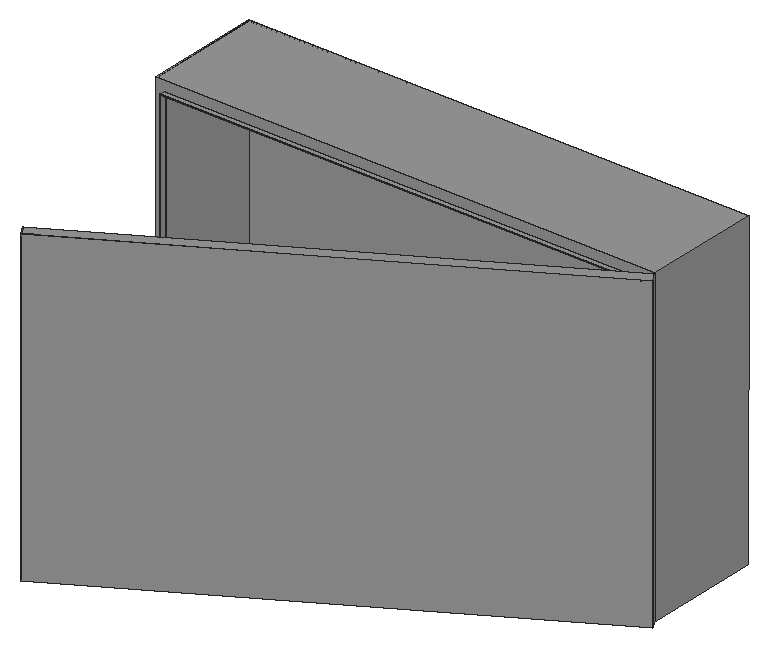
Revit family "Hager-Univers-IP44-D205-H500-Cl.II-Encl-NoHosted-BE-en", category Equipement électrique, Revit 2020
Family settings
  Configuration du panneau = Deux colonnes, circuits au sein
  Cote de connecteur circulaire = Utiliser le diamètre
  Type d'élément = Tableau de raccordement
  Basée sur le plan de construction = Oui
  Toujours verticalement = Oui
  Couper avec des vides une fois chargée = Non
  Partagée = Non
  Point de calcul de pièce = Non
Parameters (values of type "Surface mounted (plaster) IP44 W800 H500 D205  - FP33QS")
  Width Control [instance] = if([EF000008 - Width] > Min Width, [EF000008 - Width], Min Width)  # 800 mm
  Commentaires du type = [HG000003 - Range]  # "Univers"
  Thickness Door [instance] = if([EF009171 - Material plate thickness door/cover] > 3 mm, 3 mm, [EF009171 - Material plate thickness door/cover])  # 1 mm
  Seal Frame Offset [instance] = 17 mm  # constant formula
  Plinth Visibility [instance] = [HG000027 - Plinth height] > 0 mm  # no
  Min Width [instance] = 100 mm  # constant formula
  Min Depth [instance] = (2 * [EF009170 - Material plate thickness cabinet]) + 1 mm  # 3 mm
  Min Height [instance] = 100 mm  # constant formula
  Internal Frame Depth [instance] = (Door System Depth * 0.5)  # 9 mm
  Panel Name [instance] = ""  # (empty or 0)
  Model = ""
  HG000027 - Plinth height = 0 mm
  HG000026 - Floor standing = no
  HG000024 - Bottom section height = 600 mm
  HG000023 - Double section enclosure = no
  HG000016 - Door 3d visibility [instance] = yes
  HG000015 - Clearance visibility [instance] = no
  HG000014 - Door on the right [instance] = yes
  HG000013 - Door on the left [instance] = not([HG000014 - Door on the right])  # no
  HG000012 - Door swing angle [instance] = 30.00°
  HG000010 - Asymmetric doors = no
  HG000009 - Double swing door = no
  HG000006 - Flush mounted = no
  HG000004 - Manufacturer reference = "FP33QS"
  HG000003 - Range = "Univers"
  HG000002 - With door or cover = yes
  Frame Offset Bottom [instance] = 10 mm  # constant formula
  Frame Offset [instance] = 15 mm  # constant formula
  EF015940 - Cover with overpressure release = no
  EF011959 - Degree of protection (NEMA) = ""
  EF009554 - Number of openings for flange plates = 6
  EF009212 - Cover model = "EV000116 - Closed"
  EF009171 - Material plate thickness door/cover = 1 mm
  EF009170 - Material plate thickness cabinet = 1 mm
  EF008873 - Nominal current (In) = 250 A
  EF007800 - Suitable for lightning protection = no
  EF006306 - With lock = no
  EF006244 - Transparent cover/door = no
  EF005474 - Degree of protection (IP) = "EV006418 - IP44"
  EF004464 - Type of door = "EV002646 - Single"
  EF004427 - Number of modules = 108
  EF004293 - Impact strength = "EV006815 - IK09"
  EF003532 - Suitable for outdoor use = no
  EF002950 - Width in number of modular spacings = 36
  EF001613 - Circuit integrity = "EV000494 - None"
  EF001596 - Material housing = "EV000179 - Steel"
  EF001131 - Internal depth = 143 mm
  EF001088 - Extension possible = yes
  EF000437 - Number of conduit inlets = 6
  EF000339 - Type of cover = "EV001012 - Cover"
  EF000266 - Number of rows = 3
  EF000218 - Built-in depth = 0 mm
  EF000118 - With mounting plate = no
  EF000116 - RAL-number = "9010"
  EF000049 - Depth = 205 mm
  EF000040 - Height = 500 mm
  EF000008 - Width = 800 mm
  EF000007 - Colour = "EV000202 - White"
  EF000003 - Mounting method = "EV000384 - Surface mounted (plaster)"
  Door System Leaf Tolerance [instance] = 1.5 mm  # constant formula
  Door System Depth [instance] = 18 mm  # constant formula
  Door Height [instance] = Height Control - [HG000027 - Plinth height]  # 500 mm
  Description = ""
  Default Elevation = 1219.2 mm
  Connector Offset [instance] = Height Control / 2  # 250 mm
  Fabricant = "Hager"  # constant formula
  Height Control [instance] = if([EF000040 - Height] > Min Height, [EF000040 - Height], Min Height)  # 500 mm
  Depth Control [instance] = if([EF000049 - Depth] > Min Depth, [EF000049 - Depth], Min Depth)  # 205 mm
  Bottom Top Plate Trim [instance] = 1.5 mm  # constant formula
  Plinth height Ctrl [instance] = if([HG000027 - Plinth height] > 0 mm, [HG000027 - Plinth height], 12 mm)  # 12 mm
Types (5, lengths in mm): name | Width Control | HG000009 - Double swing door | HG000004 - Manufacturer reference | EF009554 - Number of openings for flange plates | EF004464 - Type of door | EF004427 - Number of modules | EF002950 - Width in number of modular spacings | EF000437 - Number of conduit inlets | EF000008 - Width
  Surface mounted (plaster) IP44 W1050 H500 D205  - FP34QS | 1050 | yes | "FP34QS" | 8 | "EV003602 - Double" | 144 | 48 | 8 | 1050
  Surface mounted (plaster) IP44 W1300 H500 D205  - FP35QS | 1300 | yes | "FP35QS" | 10 | "EV003602 - Double" | 180 | 60 | 10 | 1300
  Surface mounted (plaster) IP44 W300 H500 D205  - FP31QS | 300 | no | "FP31QS" | 2 | "EV002646 - Single" | 36 | 12 | 2 | 300
  Surface mounted (plaster) IP44 W550 H500 D205  - FP32QS | 550 | no | "FP32QS" | 4 | "EV002646 - Single" | 72 | 24 | 4 | 550
  Surface mounted (plaster) IP44 W800 H500 D205  - FP33QS | 800 | no | "FP33QS" | 6 | "EV002646 - Single" | 108 | 36 | 6 | 800
Reference planes
  plane 1 "Center (Front/Back)": y = 0
  plane 2: z = 0
  plane 3 "Center (Left/Right)": x = 0
  plane 4: y = 0
  plane 5: y = 0
  plane 6: z = 0
  plane 7: x = -400
  plane 8: x = 400
  plane 9: x = 399
  plane 10: x = -399
  plane 11: z = 0
  plane 12: z = 1
  plane 13: y = -205
  plane 14: y = -1
  plane 15: x = 0
  plane 16: y = -187
  plane 17: y = -204
  plane 18: y = -186
  plane 19: x = -384
  plane 20: x = 384
  plane 21: z = 11
  plane 22: x = -383
  plane 23: x = 383
  plane 24: z = 0
  plane 25: z = 500
  plane 26: z = 500
  plane 27: z = 484
  plane 28: z = 499
Forms (mm)
  Extrusion 1, solid, material "Hager_Steel_RAL7035_Light_Grey", detail levels medium+fine
    sketch origin (-208.679, -4572, 0) x (-1, 0, 0) y (0, -1, 0)
      loop
        line (191.321, -4385) -> (-608.679, -4385) -> (-608.679, -4572) -> (191.321, -4572) -> (191.321, -4385)
    from 0 to 500
  Extrusion 2, void
    sketch origin (-350.771, -205, 1219.2) x (1, 0, 0) y (0, 0, 1)
      loop
        line (-48.229, -720.2) -> (-48.229, -1218.2) -> (749.771, -1218.2) -> (749.771, -720.2) -> (-48.229, -720.2)
    from -19 to -204
  Extrusion 3, void
    sketch origin (-290.084, -187, 1219.2) x (1, 0, 0) y (0, 0, 1)
      loop
        line (-93.916, -1208.2) -> (674.084, -1208.2) -> (674.084, -735.2) -> (-93.916, -735.2) -> (-93.916, -1208.2)
    from 0 to -1
  Extrusion 4, solid, material "Hager_Steel_RAL7035_Light_Grey", visible <- "Plinth Visibility", detail levels medium+fine
    sketch origin (0, 0, 0) x (1, 0, 0) y (0, 1, 0)
      loop
        line (-400, 0) -> (-400, -187) -> (400, -187) -> (400, 0) -> (-400, 0)
    from 0 to 12 <- "Plinth height Ctrl"
  Extrusion 5, solid, material "Hager_Steel_RAL7035_Light_Grey", detail levels coarse
    sketch origin (0, 0, 0) x (1, 0, 0) y (0, 1, 0)
      loop
        line (-400, 0) -> (-400, -205) -> (400, -205) -> (400, 0) -> (-400, 0)
    from 0 to 500 <- "Height Control"
  Sweep 6, void
    path in 3D
      loop
        line (-400, -187, 12) -> (400, -187, 12) -> (400, 0, 12) -> (-400, 0, 12) -> (-400, -187, 12)
    profile origin (-400, -93.5, 12) x (1, 0, 0) y (0, 0, 1)
      loop
        line (0, 0) -> (0, -1.5) -> (1.5, -1.5)
        arc (1.5, -1.5) -> (1.061, -0.439) -> (0, 0) r 1.5
  Extrusion 7, solid, material "Hager_Steel_RAL7035_Light_Grey", detail levels fine
    sketch origin (-400, -187, 0) x (1, 0, 0) y (0, 0, 1)
      loop
        line (16, 11) -> (784, 11) -> (784, 484) -> (16, 484) -> (16, 11)
      loop
        line (15, 10) -> (785, 10) -> (785, 485) -> (15, 485) -> (15, 10)
    from 0 to 9 <- "Internal Frame Depth"
Cuts and joins
  Extrusion 2, Extrusion 3 cuts Extrusion 1
  Sweep 6 cuts Extrusion 4
Lines and regions (mm)
  Masking region 1
    outline origin (0, 0, 0) x (1, 0, 0) y (0, 1, 0)
      loop
        line (-400, 0) -> (-400, -205) -> (400, -205) -> (400, 0) -> (-400, 0)
  Masking region 2, detail levels coarse
    outline origin (-290.084, -187, 1219.2) x (-1, 0, 0) y (0, 0, 1)
      loop
        line (-690.084, -1219.2) -> (109.916, -1219.2) -> (109.916, -719.2) -> (-690.084, -719.2) -> (-690.084, -1219.2)
  Masking region 3, detail levels coarse
    outline origin (0, 0, 0) x (0, 1, 0) y (0, 0, 1)
      loop
        line (0, 0) -> (0, 500) -> (-205, 500) -> (-205, 0) -> (0, 0)
  Masking region 4, visible <- "Plinth Visibility", detail levels medium+fine
    outline origin (0, 0, 0) x (0, 1, 0) y (0, 0, 1)
      loop
        line (-1.5, 12) -> (-185.5, 12)
        arc (-185.5, 12) -> (-185.939, 10.939) -> (-187, 10.5) r 1.5
        line (-187, 10.5) -> (-187, 0) -> (0, 0) -> (0, 10.5)
        arc (0, 10.5) -> (-1.061, 10.939) -> (-1.5, 12) r 1.5
  Masking region 5, detail levels medium+fine
    outline origin (0, 0, 594.038) x (0, 1, 0) y (0, 0, 1)
      loop
        line (0, -594.038) -> (0, -94.038) -> (-187, -94.038) -> (-187, -594.038) -> (0, -594.038)
  Masking region 6, detail levels medium+fine
    outline origin (-359.7, -187, 1211.883) x (-1, 0, 0) y (0, 0, 1)
      loop
        line (-759.7, -1211.883) -> (40.3, -1211.883) -> (40.3, -711.883) -> (-759.7, -711.883) -> (-759.7, -1211.883)
  Masking region 7, visible <- "Plinth Visibility", detail levels medium+fine
    outline origin (-320.334, -187, 1041.368) x (-1, 0, 0) y (0, 0, 1)
      loop
        line (-720.334, -1041.368) -> (79.666, -1041.368) -> (79.666, -1030.868)
        arc (79.666, -1030.868) -> (78.606, -1030.429) -> (78.166, -1029.368) r 1.5
        line (78.166, -1029.368) -> (-718.834, -1029.368)
        arc (-718.834, -1029.368) -> (-719.273, -1030.429) -> (-720.334, -1030.868) r 1.5
        line (-720.334, -1030.868) -> (-720.334, -1041.368)
  sketch lines
    curve 1: line (-400, 0, 12) -> (-400, -187, 12)
    curve 2: line (-400, -187, 12) -> (400, -187, 12)
    curve 3: line (400, 0, 12) -> (-400, 0, 12)
    curve 4: line (400, -187, 12) -> (400, 0, 12)
Dimensions and locks
  locked: plane 1 "Center (Front/Back)" to plane 5
  "EF009170 - Material plate thickness cabinet": plane 7 to plane 10
  "EF009170 - Material plate thickness cabinet": plane 8 to plane 9
  equal spacing: plane 7, plane 3 "Center (Left/Right)", plane 8
  "Width Control": plane 7 to plane 8
  "Depth Control": plane 4 to plane 13
  "EF009170 - Material plate thickness cabinet": plane 4 to plane 14
  "Height Control": plane 25 to level
  "HG000027 - Plinth height": plane 11 to level
  "EF009170 - Material plate thickness cabinet": plane 12 to plane 11
  "EF009170 - Material plate thickness cabinet": plane 17 to plane 13
  "EF009170 - Material plate thickness cabinet": plane 18 to plane 16
  "Frame Offset Bottom": plane 21 to plane 12
  "Frame Offset": plane 10 to plane 19
  "Frame Offset": plane 9 to plane 20
  "Door System Depth": plane 16 to plane 13
  "Seal Frame Offset": plane 7 to plane 22
  "Seal Frame Offset": plane 8 to plane 23
  "EF009170 - Material plate thickness cabinet": plane 26 to plane 28
  "Frame Offset": plane 28 to plane 27
  "Connector Offset": plane 2 to connector elem
  "Bottom Top Plate Trim": profile plane to Sweep 6 sketch curve
  "Bottom Top Plate Trim": Sweep 6 sketch curve to Sweep 6 sketch curve
  "Plinth height Ctrl": Masking region 4 sketch curve to level
  "Plinth height Ctrl": Masking region 7 sketch curve to level
  "Thickness Door": Extrusion 7 sketch curve to Extrusion 7 sketch curve  (x4)
  "Bottom Top Plate Trim": radius of Sweep 6 sketch curve
  "Bottom Top Plate Trim": radius of Masking region 4 sketch curve  (x2)
  "Bottom Top Plate Trim": radius of Masking region 7 sketch curve  (x2)
  aligned and locked: Extrusion 2 sketch curve to plane 12
  aligned and locked: Extrusion 2 sketch curve to plane 9
  aligned and locked: Extrusion 2 sketch curve to plane 10
  aligned and locked: Extrusion 2 to plane 14
  aligned and locked: Extrusion 1 sketch curve to plane 4
  aligned and locked: plane 8 to Extrusion 1 sketch curve
  aligned and locked: plane 7 to Extrusion 1 sketch curve
  aligned and locked: Extrusion 2 to plane 18
  aligned and locked: plane 19 to Extrusion 3 sketch curve
  aligned and locked: plane 20 to Extrusion 3 sketch curve
  aligned and locked: Extrusion 3 to Extrusion 2
  aligned and locked: Extrusion 3 sketch curve to plane 21
  aligned and locked: plane 3 "Center (Left/Right)" to nested 1
  aligned and locked: Extrusion 1 sketch curve to plane 16
  aligned and locked: Extrusion 4 sketch curve to cut or joined group of Extrusion 1, Extrusion 2, Extrusion 3
  aligned and locked: Masking region 1 sketch curve to plane 7
  aligned and locked: Masking region 1 sketch curve to plane 5
  aligned and locked: Masking region 1 sketch curve to plane 8
  aligned and locked: Masking region 2 sketch curve to level
  aligned and locked: level to Masking region 3 sketch curve
  aligned and locked: plane 1 "Center (Front/Back)" to Masking region 3 sketch curve
  aligned and locked: plane 13 to Masking region 3 sketch curve
  aligned and locked: plane 5 to Masking region 4 sketch curve
  aligned and locked: Masking region 2 sketch curve to plane 8
  aligned and locked: Masking region 2 sketch curve to plane 7
  aligned and locked: plane 7 to nested 2
  aligned and locked: nested 2 to plane 5
  aligned and locked: plane 5 to Masking region 5 sketch curve
  aligned and locked: plane 26 to Masking region 5 sketch curve
  aligned and locked: Extrusion 5 sketch curve to plane 8
  aligned and locked: Extrusion 5 sketch curve to plane 7
  aligned and locked: Extrusion 5 sketch curve to plane 5
  aligned and locked: Extrusion 3 sketch curve to plane 27
  aligned and locked: Extrusion 2 sketch curve to plane 28
  aligned and locked: Masking region 2 to plane 25
  aligned and locked: Extrusion 4 to plane 16
  aligned and locked: profile plane to Sweep 6 sketch curve
  aligned and locked: Masking region 5 sketch curve to plane 24
  aligned and locked: level to Masking region 4 sketch curve
  aligned and locked: Masking region 1 to plane 13
  aligned and locked: nested 1 to plane 16
  aligned and locked: Masking region 3 to plane 25
  aligned and locked: plane 16 to Masking region 4 sketch curve
  aligned and locked: Masking region 5 sketch curve to plane 16
  aligned and locked: plane 24 to plane 11
  aligned and locked: plane 26 to plane 25
  aligned and locked: plane 26 to cut or joined group of Extrusion 1, Extrusion 2, Extrusion 3
  aligned and locked: nested 1 to plane 24
  aligned and locked: Extrusion 1 to Extrusion 3
  aligned and locked: Masking region 6 sketch curve to plane 8
  aligned and locked: Masking region 6 sketch curve to plane 24
  aligned and locked: Masking region 6 sketch curve to plane 7
  aligned and locked: Masking region 6 sketch curve to plane 26
  aligned and locked: Masking region 7 sketch curve to plane 7
  aligned and locked: level to Masking region 7 sketch curve
  aligned and locked: Masking region 7 sketch curve to plane 8
  aligned and locked: Extrusion 7 sketch curve to cut or joined group of Extrusion 1, Extrusion 2, Extrusion 3  (x4)
Automatic sketch dimensions
  plane 19 to Extrusion 3 sketch curve = 0 mm
  Extrusion 3 sketch curve to plane 20 = 0 mm
  Extrusion 3 sketch curve to plane 21 = 0 mm
  Extrusion 4 sketch curve to plane 7 = 0 mm
  Extrusion 4 sketch curve to plane 8 = 0 mm
  Extrusion 4 sketch curve to plane 16 = 0 mm
  Masking region 1 sketch curve to plane 13 = 0 mm
  Masking region 2 sketch curve to plane 25 = 0 mm
  Masking region 3 sketch curve to plane 25 = 0 mm
  Extrusion 5 sketch curve to plane 13 = 0 mm
  profile plane to Sweep 6 sketch curve = 0 mm
Nested families
  nested 1: "EC000058_Univers_Door" at (0, -187, 0), Double <- "HG000009 - Double swing door", Transparent <- "EF006244 - Transparent cover/door", Angle <- "HG000012 - Door swing angle", Door_Right <- "HG000014 - Door on the right", Assymetrical <- "HG000010 - Asymmetric doors", Door <- "HG000002 - With door or cover", Width_Ctrl <- "Width Control", 3d_Door <- "HG000016 - Door 3d visibility", Clearance <- "HG000015 - Clearance visibility", Door_Left <- "HG000013 - Door on the left", Width <- "Width Control", Door_Depth <- "Door System Depth", Leaf_Tolerance <- "Door System Leaf Tolerance", Height <- "Door Height", Lock_Visibility <- "EF006306 - With lock", Thickness <- "Thickness Door", type "EC000058_Univers_Door", detail levels medium+fine
    with min_wh 3 mm, Width_Ctrl 800 mm, Width 800 mm, Transparent no, Thickness 1 mm, Seal_Material Hager_Rubber, Lock_Visibility no, Lock_Material Hager_Plastic_RAL9005_Jet_Black, Leaf_Width 800 mm, Leaf_Tolerance_External_Sides 0 mm, Leaf_Tolerance 1.5 mm, Leaf_Offset 0 mm, Leaf_Height 497 mm, Leaf_2_Width 800 mm, Leaf_2_Offset 400 mm, Leaf_1_Width 800 mm, Leaf_1_Offset 400 mm, Height_Ctrl 500 mm, Height 500 mm, Glass_Material Hager_Glass, Double_Clearance_Ctrl no, Double no, Door_Right_Ctrl yes, Door_Right yes, Door_Material Hager_Steel_RAL7035_Light_Grey, Door_Left_Ctrl no, Door_Left no, Door_Depth 18 mm, Door yes, Clearance_Material Hager_Clearance, Clearance_Depth 800 mm, Clearance_Ctrl no, Clearance no, Assymetrical no, Angle 30.00°, 3d_Door yes
  nested 2: "Hager_Enclosure_Symbol" at (-400, 0, 0), Height <- "Depth Control", Width <- "Width Control", type "Hager_Enclosure_Symbol"
    with Width_Ctrl 800 mm, Width 800 mm, Height_Ctrl 205 mm, Height 205 mm, A_Width_Int 13.453 mm, A_Width 161.438 mm, A_Height_Ctrl 179.375 mm, A_Height 179.375 mm
Connectors
  electrical at (0, 0, 250)
    settings: on plane 1 "Center (Front/Back)", index 1, voltage 0 V, apparent load 0 VA, apparent load phase1 0 VA, apparent load phase2 0 VA, apparent load phase3 0 VA, power factor 1, load classification "Other", number of poles 1, system type 30, power factor state 1, is connector primary yes, connector utility no, sub classification motor no, connector description ""
Definition of nested family "EC000058_Univers_Door"
  Parameters (values of type "EC000058_Univers_Door")
    min_wh [instance] = (2 * Thickness) + 1 mm  # 11 mm
    Width_Ctrl [instance] = 400 mm
    Width [instance] = 500 mm
    Transparent [instance] = yes
    Thickness [instance] = 5 mm
    Seal_Material [instance] = none
    Lock_Visibility [instance] = yes
    Lock_Material [instance] = none
    Leaf_Width [instance] = if((Width_Ctrl - 2 * Leaf_Tolerance_External_Sides) > 0 mm, (Width_Ctrl - 2 * Leaf_Tolerance_External_Sides), min_wh)  # 400 mm
    Leaf_Tolerance_External_Sides [instance] = 0 mm  # constant formula
    Leaf_Tolerance [instance] = 1.5 mm
    Leaf_Offset [instance] = 0 mm  # constant formula
    Leaf_Height [instance] = if((Height_Ctrl - 2 * Leaf_Tolerance) > 0 mm, (Height_Ctrl - 2 * Leaf_Tolerance), min_wh)  # 497 mm
    Leaf_2_Width [instance] = if(and(and(Double, Assymetrical), Door_Left), (Leaf_Width / 3) - (Leaf_Tolerance / 2), if(and(and(Double, Assymetrical), Door_Right), (Leaf_Width / 3) * 2 - (Leaf_Tolerance / 2), if(and(Double, not(Assymetrical)), (Leaf_Width / 2) - Leaf_Tolerance, Leaf_Width)))  # 400 mm
    Leaf_2_Offset [instance] = if(and(Double, Assymetrical), Leaf_2_Width / 2, if(and(Double, not(Assymetrical)), Leaf_Width / 4, Leaf_Width / 2))  # 200 mm
    Leaf_1_Width [instance] = if(and(and(Double, Assymetrical), Door_Right), (Leaf_Width / 3) - (Leaf_Tolerance / 2), if(and(and(Double, Assymetrical), Door_Left), (Width / 3) * 2 - (Leaf_Tolerance / 2), if(and(Double, not(Assymetrical)), (Leaf_Width / 2) - Leaf_Tolerance, Leaf_Width)))  # 400 mm
    Leaf_1_Offset [instance] = if(and(Double, Assymetrical), Leaf_1_Width / 2, if(and(Double, not(Assymetrical)), Leaf_Width / 4, Leaf_Width / 2))  # 200 mm
    Height_Ctrl [instance] = if(Height > min_wh, Height, min_wh)  # 500 mm
    Height [instance] = 500 mm
    Glass_Material [instance] = none
    Double_Clearance_Ctrl [instance] = and(Double, Clearance)  # no
    Double [instance] = no
    Door_Right_Ctrl [instance] = and(or(Door_Right, Double), Door)  # yes
    Door_Right [instance] = yes
    Door_Material [instance] = none
    Door_Left_Ctrl [instance] = and(or(Door_Left, Double), Door)  # no
    Door_Left [instance] = no
    Door_Depth [instance] = 30 mm
    Door [instance] = yes
    Default Elevation = 1219.2 mm
    Clearance_Material [instance] = none
    Clearance_Depth [instance] = if(Leaf_1_Width > Leaf_2_Width, Leaf_1_Width, Leaf_2_Width)  # 400 mm
    Clearance_Ctrl [instance] = and(not(Double), Clearance)  # yes
    Clearance [instance] = yes
    Assymetrical [instance] = yes
    Angle [instance] = 30.00°
    3d_Door [instance] = yes
  Reference planes
    plane 1 "Center (Front/Back)": y = 0
    plane 2 "Bottom": z = 0
    plane 3 "Center (Left/Right)": x = 0
    plane 4: z = 500
    plane 5: x = -200
    plane 6: x = 200
    plane 7: z = 500
    plane 8: x = -200
    plane 9: z = 0
    plane 10: x = 200
    plane 11: y = 0
    plane 12: z = 1.5
    plane 13: x = -600
    plane 14: y = -400
    plane 15: x = 600
    plane 16: x = 0
    plane 17: x = 0
    plane 18: x = -200
    plane 19: x = 200
    plane 20: z = 498.5
  Forms (mm)
    Extrusion 1, solid, material <- "Clearance_Material", visible <- "Double_Clearance_Ctrl"
      sketch origin (1200, 0, 0) x (1, 0, 0) y (0, 0, -1)
        loop
          line (-1800, -498.5) -> (-600, -498.5) -> (-600, 0) -> (-1800, 0) -> (-1800, -498.5)
      from 0 to -400
  Dimensions and locks
    equal spacing: plane 5, plane 3 "Center (Left/Right)", plane 6
    "Width_Ctrl": plane 5 to plane 6
    "Leaf_Offset": plane 5 to plane 8
    "Leaf_Offset": plane 6 to plane 10
    "Leaf_Offset": plane 9 to level
    "Leaf_Offset": plane 4 to plane 7
    "Height_Ctrl": plane 4 to level
    "Leaf_Tolerance": plane 12 to plane 9
    locked: plane 11 to plane 1 "Center (Front/Back)"
    "Leaf_1_Offset": plane 18 to plane 16
    "Leaf_2_Offset": plane 17 to plane 19
    "Leaf_1_Width": plane 13 to plane 8
    "Leaf_2_Width": plane 10 to plane 15
    "Clearance_Depth": plane 14 to plane 1 "Center (Front/Back)"
    "Leaf_Tolerance_External_Sides": plane 8 to plane 18
    "Leaf_Tolerance_External_Sides": plane 19 to plane 10
    "Leaf_Tolerance": plane 7 to plane 20
    aligned and locked: level to plane 2 "Bottom"
    aligned and locked: nested 1 to plane 16
    aligned and locked: nested 2 to plane 17
    aligned and locked: Extrusion 1 to plane 13
    aligned and locked: plane 15 to Extrusion 1
    aligned and locked: Extrusion 1 to plane 14
    aligned and locked: plane 12 to nested 1
    aligned and locked: nested 2 to plane 12
    aligned and locked: Extrusion 1 to plane 11
    aligned and locked: plane 20 to Extrusion 1
    aligned and locked: nested 2 to plane 11
    aligned and locked: nested 1 to plane 11
  Automatic sketch dimensions
    Extrusion 1 sketch curve to level = 0 mm
    plane 5 to Extrusion 1 sketch curve = 400 mm
    plane 6 to Extrusion 1 sketch curve = 400 mm
    Extrusion 1 sketch curve to plane 4 = 1.5 mm
  Nested families
    nested 1: "EC000058_Univers_Door_Leaf" at (0, 0, 1.5), Width <- "Leaf_1_Width", visible <- "Door_Left_Ctrl", Leaf_Height <- "Leaf_Height", Angle <- "Angle", 3d_Door <- "3d_Door", Transparent <- "Transparent", Clearance Material <- "Clearance_Material", Clearance <- "Clearance_Ctrl", Door_Material <- "Door_Material", Glass_Material <- "Glass_Material", Door_Depth <- "Door_Depth", Lock_Material <- "Lock_Material", Seal_Material <- "Seal_Material", Lock_Visibility <- "Lock_Visibility", Thickness <- "Thickness", type "EC000058_Univers_Door_Leaf"
      with Width 400 mm, Transparent_Glass_Offset 30 mm, Transparent_Ctrl yes, Transparent yes, Thickness 5 mm, Standard no, Seal_Material none, Seal_D2 8 mm, Seal_D1 1 mm, Offset_Internal_Frame 10 mm, Lock_Width 20 mm, Lock_Visibility_3d yes, Lock_Visibility yes, Lock_Thickness_3 3 mm, Lock_Thickness_2 1 mm, Lock_Thickness_1 3 mm, Lock_Radius_Offset_2 16 mm, Lock_Radius_Offset_1 15 mm, Lock_Radius_2 5 mm, Lock_Radius 6 mm, Lock_Offset 5 mm, Lock_Material none, Lock_Height 80 mm, Lock_Cover_Top_Offset_2d 17 mm, Lock_Cover_Height -65 mm, Leaf_Height 497 mm, Internal_Seal_Thickness 8 mm, Internal_Seal_Depth_2 4.5 mm, Internal_Frame_Depth 25 mm, Glass_Thickness -1 mm, Glass_Offset -2 mm, Glass_Material none, Door_Material none, Door_Depth 30 mm, Clearance Material none, Clearance yes, Angle_Ctrl 30.00°, Angle 30.00°, 3d_Door yes
    nested 2: "EC000058_Univers_Door_Leaf" at (0, 0, 1.5) x (-1, 0, 0) z (0, 0, 1), Width <- "Leaf_2_Width", visible <- "Door_Right_Ctrl", Leaf_Height <- "Leaf_Height", Angle <- "Angle", 3d_Door <- "3d_Door", Transparent <- "Transparent", Clearance Material <- "Clearance_Material", Clearance <- "Clearance_Ctrl", Door_Material <- "Door_Material", Glass_Material <- "Glass_Material", Door_Depth <- "Door_Depth", Lock_Material <- "Lock_Material", Seal_Material <- "Seal_Material", Lock_Visibility <- "Lock_Visibility", Thickness <- "Thickness", type "EC000058_Univers_Door_Leaf"
      with Width 400 mm, Transparent_Glass_Offset 30 mm, Transparent_Ctrl yes, Transparent yes, Thickness 5 mm, Standard no, Seal_Material none, Seal_D2 8 mm, Seal_D1 1 mm, Offset_Internal_Frame 10 mm, Lock_Width 20 mm, Lock_Visibility_3d yes, Lock_Visibility yes, Lock_Thickness_3 3 mm, Lock_Thickness_2 1 mm, Lock_Thickness_1 3 mm, Lock_Radius_Offset_2 16 mm, Lock_Radius_Offset_1 15 mm, Lock_Radius_2 5 mm, Lock_Radius 6 mm, Lock_Offset 5 mm, Lock_Material none, Lock_Height 80 mm, Lock_Cover_Top_Offset_2d 17 mm, Lock_Cover_Height -65 mm, Leaf_Height 497 mm, Internal_Seal_Thickness 8 mm, Internal_Seal_Depth_2 4.5 mm, Internal_Frame_Depth 25 mm, Glass_Thickness -1 mm, Glass_Offset -2 mm, Glass_Material none, Door_Material none, Door_Depth 30 mm, Clearance Material none, Clearance yes, Angle_Ctrl 30.00°, Angle 30.00°, 3d_Door yes
  Definition of nested family "EC000058_Univers_Door_Leaf"
    Parameters (values of type "EC000058_Univers_Door_Leaf")
      Width [instance] = 2000 mm
      Transparent_Glass_Offset [instance] = 30 mm
      Transparent_Ctrl [instance] = and(Transparent, [3d_Door])  # yes
      Transparent [instance] = yes
      Thickness [instance] = 5 mm
      Standard [instance] = and(not(Transparent), [3d_Door])  # no
      Seal_Material [instance] = none
      Seal_D2 [instance] = 8 mm  # constant formula
      Seal_D1 [instance] = 1 mm  # constant formula
      Offset_Internal_Frame [instance] = 10 mm  # constant formula
      Lock_Width [instance] = 20 mm  # constant formula
      Lock_Visibility_3d [instance] = and(Lock_Visibility, [3d_Door])  # yes
      Lock_Visibility [instance] = yes
      Lock_Thickness_3 [instance] = 3 mm  # constant formula
      Lock_Thickness_2 [instance] = 1 mm  # constant formula
      Lock_Thickness_1 [instance] = 3 mm  # constant formula
      Lock_Radius_Offset_2 [instance] = Lock_Radius_Offset_1 + 1 mm  # 16 mm
      Lock_Radius_Offset_1 [instance] = 15 mm  # constant formula
      Lock_Radius_2 [instance] = Lock_Radius - 1 mm  # 5 mm
      Lock_Radius [instance] = 6 mm  # constant formula
      Lock_Offset [instance] = 5 mm  # constant formula
      Lock_Material [instance] = none
      Lock_Height [instance] = 80 mm  # constant formula
      Lock_Cover_Top_Offset_2d [instance] = Lock_Radius_Offset_2 + 1 mm  # 17 mm
      Lock_Cover_Height [instance] = -(Lock_Height - Lock_Radius_Offset_1)  # -65 mm
      Leaf_Height [instance] = 2720.336 mm
      Internal_Seal_Thickness [instance] = 8 mm  # constant formula
      Internal_Seal_Depth_2 [instance] = 4.5 mm  # constant formula
      Internal_Frame_Depth [instance] = if(Door_Depth - Thickness > 5 mm, Door_Depth - Thickness, 5 mm)  # 25 mm
      Glass_Thickness [instance] = if(Thickness > 15 mm, Glass_Offset + 10 mm, -1 mm)  # -1 mm
      Glass_Offset [instance] = if(Thickness > 15 mm, -(Thickness + 10 mm) / 2, -2 mm)  # -2 mm
      Glass_Material [instance] = none
      Door_Material [instance] = none
      Door_Depth [instance] = 30 mm
      Default Elevation = 0 mm
      Clearance Material [instance] = none
      Clearance [instance] = yes
      Angle_Ctrl [instance] = if(Angle > 180.00°, 180.00°, Angle)  # 90.00°
      Angle [instance] = 90.00°
      3d_Door [instance] = yes
    Reference planes
      plane 1 "Center (Front/Back)": y = 0
      plane 2: z = 0
      plane 3 "Center (Left/Right)": x = 0
      plane 4: y = 2000
      plane 5: x = -1000
      plane 6: x = 1000
      plane 7: x = -3000
      plane 8: z = 2720.336
      plane 9: z = 30
      plane 10: z = 2690.336
      plane 11: x = 970
      plane 12: x = -970
      plane 13: y = -3
      plane 14: z = 107.833
      plane 15: y = -5
      plane 16: y = -223.314
      plane 17: x = -1000
      plane 18: z = 1360.168
      plane 19: y = 30
    Forms (mm)
      Extrusion 1, solid, material <- "Clearance Material", visible <- "Clearance"
        sketch origin (0, 0, 0) x (1, 0, 0) y (0, 0, 1)
          loop
            line (-3000, 2720.336) -> (-3000, 0) -> (1000, 0) -> (1000, 2720.336) -> (-3000, 2720.336)
        from 0 to -2000
      Extrusion 2, solid, material <- "Door_Material", visible <- "Standard", detail levels medium+fine
        sketch origin (-1000, 0, 0) x (0, 1, 0) y (-1, 0, 0)
          loop
            line (0, 30) -> (0, 25) -> (2000, 25) -> (2000, 30) -> (0, 30)
        from 0 to 2720.336 <- "Leaf_Height"
      Extrusion 3, solid, material <- "Door_Material", visible <- "Transparent_Ctrl", detail levels medium+fine
        sketch origin (-1000, 0, 0) x (0, 1, 0) y (-1, 0, 0)
          loop
            line (0, 25) -> (2000, 25) -> (2000, 30) -> (0, 30) -> (0, 25)
        from 0 to 2720.336 <- "Leaf_Height"
      Extrusion 4, void
        sketch origin (-1025, 2000, 0) x (0, 1, 0) y (0, 0, -1)
          loop
            line (-30, -2690.336) -> (-30, -30) -> (-1970, -30) -> (-1970, -2690.336) -> (-30, -2690.336)
        from 0 to 5 <- "Thickness"
      Sweep 5, solid, material <- "Seal_Material", visible <- "Transparent_Ctrl", detail levels fine
        path in 3D
          loop
            line (-1025, 30, 30) -> (-1025, 30, 2690.336) -> (-1025, 1970, 2690.336) -> (-1025, 1970, 30) -> (-1025, 30, 30)
        profile origin (-1025, 1000, 30) x (1, 0, 0) y (0, 0, 1)
          loop
            line (0, 0) -> (0, -8) -> (1, -8) -> (1, 0) -> (0, 0)
      Extrusion 6, solid, material <- "Glass_Material", visible <- "Transparent_Ctrl", detail levels medium+fine
        sketch origin (-1030, 0, 0) x (0, 1, 0) y (0, 0, -1)
          loop
            line (1970, -2690.336) -> (1970, -30) -> (30, -30) -> (30, -2690.336) -> (1970, -2690.336)
        from -2 <- "Glass_Offset" to -1 <- "Glass_Thickness"
      Extrusion 7, solid, material <- "Door_Material", visible <- "3d_Door", detail levels medium+fine
        sketch origin (-1025, 2000, 0) x (0, -1, 0) y (0, 0, -1)
          loop
            line (0, -2720.336) -> (2000, -2720.336) -> (2000, 0) -> (0, 0) -> (0, -2720.336)
          loop
            line (1995, -5) -> (5, -5) -> (5, -2715.336) -> (1995, -2715.336) -> (1995, -5)
        from 0 to 25 <- "Internal_Frame_Depth"
      Sweep 8, solid, material <- "Seal_Material", visible <- "Transparent_Ctrl", detail levels fine
        path in 3D
          loop
            line (-1025, 0, 0) -> (-1025, 2000, 0) -> (-1025, 2000, 2720.336) -> (-1025, 0, 2720.336) -> (-1025, 0, 0)
        profile origin (-1025, 0, 1360.168) x (1, 0, 0) y (0, 1, 0)
          loop
            line (0, 10) -> (2.975, 10)
            arc (2.975, 10) -> (4.053, 10.447) -> (4.5, 11.525) r 1.525
            line (4.5, 11.525) -> (4.5, 16.527)
            arc (4.5, 16.527) -> (4.069, 17.569) -> (3.027, 18) r 1.473
            line (3.027, 18) -> (0, 18) -> (0, 10)
      Extrusion 9, solid, material <- "Lock_Material", visible <- "Lock_Visibility_3d", detail levels fine
        sketch origin (-1030, 0, 0) x (0, 1, 0) y (0, 0, -1)
          loop
            arc (1993.5, -1400.168) -> (1994.561, -1399.729) -> (1995, -1398.668) r 1.5
            line (1995, -1398.668) -> (1995, -1320.168) -> (1975, -1320.168) -> (1975, -1398.668)
            arc (1975, -1398.668) -> (1975.439, -1399.729) -> (1976.5, -1400.168) r 1.5
            line (1976.5, -1400.168) -> (1993.5, -1400.168)
        from 3 <- "Lock_Thickness_1" to 0
      Blend 10, solid, material <- "Lock_Material", visible <- "Lock_Visibility_3d", detail levels fine
        base sketch origin (-1033, 0, 0) x (0, 1, 0) y (0, 0, -1)
          loop
            line (1975, -1320.168) -> (1975, -1398.668)
            arc (1975, -1398.668) -> (1975.439, -1399.729) -> (1976.5, -1400.168) r 1.5
            line (1976.5, -1400.168) -> (1993.5, -1400.168)
            arc (1993.5, -1400.168) -> (1994.561, -1399.729) -> (1995, -1398.668) r 1.5
            line (1995, -1398.668) -> (1995, -1320.168) -> (1975, -1320.168)
        top sketch origin (-1033, 0, 0) x (0, 1, 0) y (0, 0, -1)
          loop
            line (1976, -1320.168) -> (1976, -1398.668)
            arc (1976, -1398.668) -> (1976.146, -1399.022) -> (1976.5, -1399.168) r 0.5
            line (1976.5, -1399.168) -> (1993.5, -1399.168)
            arc (1993.5, -1399.168) -> (1993.854, -1399.022) -> (1994, -1398.668) r 0.5
            line (1994, -1398.668) -> (1994, -1320.168) -> (1976, -1320.168)
        from 0 to 1 <- "Lock_Thickness_2"
      Blend 11, solid, material <- "Lock_Material", visible <- "Lock_Visibility_3d", detail levels fine
        base sketch origin (-1034, 0, 0) x (0, 1, 0) y (0, 0, -1)
          loop
            line (1978, -1320.168) -> (1978, -1384.168)
            arc (1978, -1384.168) -> (1985, -1391.168) -> (1992, -1384.168) r 7
            line (1992, -1384.168) -> (1992, -1320.168) -> (1978, -1320.168)
        top sketch origin (-1034, 0, 0) x (0, 1, 0) y (0, 0, -1)
          loop
            line (1991, -1320.168) -> (1979, -1320.168) -> (1979, -1383.168)
            arc (1979, -1383.168) -> (1985, -1389.168) -> (1991, -1383.168) r 6
            line (1991, -1383.168) -> (1991, -1320.168)
        from 0 to 3 <- "Lock_Thickness_3"
      Extrusion 12, solid, material <- "Lock_Material", visible <- "Lock_Visibility_3d", detail levels fine
        sketch origin (-1030, 1975, 1320.168) x (1, 0, 0) y (0, -1, 0)
          loop
            line (-7, -19) -> (-7, -1) -> (0, -1) -> (0, 0) -> (-8, 0) -> (-8, -20) -> (0, -20) -> (0, -19) -> (-7, -19)
        from 0 to -65 <- "Lock_Cover_Height"
      Extrusion 13, void
        sketch origin (-1038, 1995, 1320.168) x (-1, 0, 0) y (0, 0, -1)
          loop
            line (-5, -65) -> (0, -65) -> (-5, -60) -> (-5, -65)
        from 0 to 20 <- "Lock_Width"
      Extrusion 14, void
        sketch origin (-1038, 1975, 1320.168) x (0, -1, 0) y (0, 0, -1)
          loop
            circle (-10, -15.995) r 6
          loop
            circle (-10, -15.995) r 5
        from 0 to 2
      Extrusion 15, solid, material <- "Lock_Material", visible <- "Lock_Visibility_3d", detail levels medium
        sketch origin (-1030, 0, 0) x (0, 1, 0) y (0, 0, -1)
          loop
            arc (1993.5, -1400.168) -> (1994.561, -1399.729) -> (1995, -1398.668) r 1.5
            line (1995, -1398.668) -> (1995, -1320.168) -> (1975, -1320.168) -> (1975, -1398.668)
            arc (1975, -1398.668) -> (1975.439, -1399.729) -> (1976.5, -1400.168) r 1.5
            line (1976.5, -1400.168) -> (1993.5, -1400.168)
        from 8 to 0
    Cuts and joins
      Extrusion 4 cuts Extrusion 3
      Extrusion 13, Extrusion 14 cuts Extrusion 9
      Extrusion 14 cuts Blend 11
      Extrusion 13, Extrusion 14 cuts Extrusion 12
      joined: Extrusion 9, Blend 10, Blend 11, Extrusion 12
      Extrusion 14 cuts Extrusion 15
    Lines and regions (mm)
      Masking region 1, visible <- "Lock_Visibility", detail levels fine
        outline origin (0, 0, 0) x (0, 1, 0) y (0, 0, 1)
          loop
            line (30, 1320.168) -> (33, 1320.168) -> (33, 1400.168) -> (30, 1400.168) -> (30, 1320.168)
      Masking region 2, visible <- "Lock_Visibility", detail levels fine
        outline origin (0, 3.143, 0) x (0, 1, 0) y (0, 0, 1)
          loop
            line (29.857, 1354.168) -> (30.857, 1354.168) -> (30.857, 1366.168) -> (29.857, 1366.168) -> (29.857, 1354.168)
      Masking region 3, detail levels medium+fine
        outline origin (0, 0, 0) x (0, 1, 0) y (0, 0, 1)
          loop
            line (0, 0) -> (30, 0) -> (30, 2720.336) -> (0, 2720.336) -> (0, 0)
      Masking region 4, detail levels medium+fine
        outline origin (0, 0, 0) x (1, 0, 0) y (0, 0, 1)
          loop
            line (-1000, 2720.336) -> (-1000, 0) -> (1000, 0) -> (1000, 2720.336) -> (-1000, 2720.336)
      Masking region 5, visible <- "Lock_Visibility", detail levels fine
        outline origin (-47.116, 0, 0) x (1, 0, 0) y (0, 0, 1)
          loop
            arc (1024.616, 1399.168) -> (1023.556, 1398.729) -> (1023.116, 1397.668) r 1.5
            line (1023.116, 1397.668) -> (1023.116, 1320.168) -> (1041.116, 1320.168) -> (1041.116, 1397.668)
            arc (1041.116, 1397.668) -> (1040.677, 1398.729) -> (1039.616, 1399.168) r 1.5
            line (1039.616, 1399.168) -> (1024.616, 1399.168)
      Masking region 6, visible <- "Lock_Visibility", detail levels medium+fine
        outline origin (-25, 0, 0) x (1, 0, 0) y (0, 0, 1)
          loop
            arc (1001.5, 1400.168) -> (1000.439, 1399.729) -> (1000, 1398.668) r 1.5
            line (1000, 1398.668) -> (1000, 1320.168) -> (1020, 1320.168) -> (1020, 1398.668)
            arc (1020, 1398.668) -> (1019.561, 1399.729) -> (1018.5, 1400.168) r 1.5
            line (1018.5, 1400.168) -> (1001.5, 1400.168)
      Masking region 7, visible <- "Lock_Visibility", detail levels fine
        outline origin (-73.735, 0, 0) x (1, 0, 0) y (0, 0, 1)
          loop
            line (1051.735, 1382.168) -> (1065.735, 1382.168) -> (1065.735, 1384.168)
            arc (1065.735, 1384.168) -> (1058.735, 1391.168) -> (1051.735, 1384.168) r 7
            line (1051.735, 1384.168) -> (1051.735, 1382.168)
      Masking region 8, visible <- "Lock_Visibility", detail levels fine
        outline origin (-73.735, 0, 0) x (1, 0, 0) y (0, 0, 1)
          loop
            line (1052.735, 1382.168) -> (1064.735, 1382.168) -> (1064.735, 1383.168)
            arc (1064.735, 1383.168) -> (1058.735, 1389.168) -> (1052.735, 1383.168) r 6
            line (1052.735, 1383.168) -> (1052.735, 1382.168)
      Masking region 9, visible <- "Lock_Visibility", detail levels fine
        outline origin (-25, 0, 0) x (1, 0, 0) y (0, 0, 1)
          loop
            line (1020, 1320.168) -> (1020, 1382.168) -> (1000, 1382.168) -> (1000, 1320.168) -> (1020, 1320.168)
      Masking region 10, detail levels medium+fine
        outline origin (0, 0, 0) x (1, 0, 0) y (0, 0, 1)
          loop
            circle (985, 1335.144) r 6
      Masking region 11, detail levels fine
        outline origin (0, 0, 0) x (1, 0, 0) y (0, 0, 1)
          loop
            circle (985, 1335.144) r 5
      Masking region 12, visible <- "Lock_Visibility", detail levels fine
        outline origin (0, 12.767, 0) x (0, 1, 0) y (0, 0, 1)
          loop
            line (20.233, 1320.168) -> (21.233, 1320.168) -> (21.233, 1399.168) -> (20.233, 1400.168) -> (20.233, 1320.168)
      Masking region 13, visible <- "Lock_Visibility", detail levels fine
        outline origin (0, 13.767, -10) x (0, 1, 0) y (0, 0, 1)
          loop
            line (20.233, 1330.168) -> (23.233, 1330.168) -> (23.233, 1399.168) -> (20.233, 1402.168) -> (20.233, 1330.168)
      Masking region 14, visible <- "Lock_Visibility", detail levels fine
        outline origin (0, 12.767, -10) x (0, 1, 0) y (0, 0, 1)
          loop
            line (20.233, 1330.168) -> (25.233, 1330.168) -> (25.233, 1399.305) -> (20.233, 1394.305) -> (20.233, 1330.168)
      Masking region 15, visible <- "Lock_Visibility", detail levels medium
        outline origin (0, 0, 0) x (0, 1, 0) y (0, 0, 1)
          loop
            line (30, 1320.168) -> (38, 1320.168) -> (38, 1400.168) -> (30, 1400.168) -> (30, 1320.168)
      Masking region 16, visible <- "Lock_Visibility", detail levels fine
        outline origin (-1000, 0, 0) x (0, 1, 0) y (-1, 0, 0)
          loop
            line (1975, 30) -> (1995, 30) -> (1995, 38) -> (1975, 38) -> (1975, 30)
          loop
            line (1979, 37) -> (1976, 37) -> (1976, 34) -> (1978, 34) -> (1979, 37)
          loop
            line (1994, 37) -> (1991, 37) -> (1992, 34) -> (1994, 34) -> (1994, 37)
      Masking region 17, visible <- "Lock_Visibility", detail levels medium
        outline origin (-1000, 0, 0) x (0, 1, 0) y (-1, 0, 0)
          loop
            line (1975, 30) -> (1995, 30) -> (1995, 38) -> (1975, 38) -> (1975, 30)
      symbolic lines
        curve 1: line (1000, 0, 0) -> (-3000, 0, 0)
        curve 2: arc (1000, 0, 0) -> (-1000, 2000, 0) -> (-3000, 0, 0) r 2000
        curve 4: line (-1030, 0, 0) -> (-1030, 2000, 0)
      reference lines
        curve 3: line (-1000, 0, 0) -> (-1000, 2000, 0)
      symbolic lines, detail levels medium+fine
        curve 5: line (-1030, 2000, 0) -> (-1025, 2000, 0)
        curve 7: line (-1025, 0, 0) -> (-1030, 0, 0)
        curve 8: line (-1025, 0, 0) -> (-1000, 0, 0)
        curve 9: line (-1000, 0, 0) -> (-1000, 2000, 0)
        curve 10: line (-1000, 2000, 0) -> (-1025, 2000, 0)
      symbolic lines, detail levels fine
        curve 6: line (-1025, 2000, 0) -> (-1025, 0, 0)
      sketch lines
        curve 11: line (-1025, 0, 2720.336) -> (-1025, 0, 0)
        curve 12: line (-1025, 2000, 0) -> (-1025, 0, 0)
        curve 13: line (-1025, 2000, 2720.336) -> (-1025, 2000, 0)
        curve 14: line (-1025, 0, 2720.336) -> (-1025, 2000, 2720.336)
        curve 15: line (-1025, 1970, 30) -> (-1025, 30, 30)
        curve 16: line (-1025, 30, 30) -> (-1025, 30, 2690.336)
        curve 17: line (-1025, 1970, 2690.336) -> (-1025, 1970, 30)
        curve 18: line (-1025, 30, 2690.336) -> (-1025, 1970, 2690.336)
      symbolic lines, visible <- "Transparent", detail levels medium+fine
        curve 19: line (-970, 0, 2690.336) -> (970, 0, 2690.336)
        curve 20: line (-970, 0, 30) -> (-970, 0, 2690.336)
        curve 21: line (970, 0, 30) -> (-970, 0, 30)
        curve 22: line (970, 0, 2690.336) -> (970, 0, 30)
    Dimensions and locks
      "Width": plane 1 "Center (Front/Back)" to plane 4
      equal spacing: plane 5, plane 3 "Center (Left/Right)", plane 6
      "Width": plane 5 to plane 6
      "Width": plane 7 to plane 5
      "Leaf_Height": plane 8 to level
      "Width": curve 5 to curve 3
      "Width": curve 3 to curve 3
      plane 8 to plane 10 = 30 mm
      plane 9 to level = 30 mm
      plane 12 to plane 5 = 30 mm
      plane 6 to plane 11 = 30 mm
      Extrusion 1 to Extrusion 4 sketch curve = 30 mm
      "Transparent_Glass_Offset": curve 3 to Extrusion 4 sketch curve
      "Transparent_Glass_Offset": Extrusion 4 sketch curve to cut or joined group of Extrusion 3, Extrusion 4  (x2)
      cut or joined group of Extrusion 3, Extrusion 4 to Extrusion 6 sketch curve = 30 mm
      "Transparent_Glass_Offset": cut or joined group of Extrusion 3, Extrusion 4 to Extrusion 4 sketch curve
      "Thickness": curve 6 to curve 4
      "Thickness": Extrusion 7 sketch curve to Extrusion 7 sketch curve  (x4)
      "Door_Depth": curve 4 to curve 3
      "Offset_Internal_Frame": profile plane to Sweep 8 sketch curve
      "Internal_Seal_Thickness": Sweep 8 sketch curve to Sweep 8 sketch curve
      "Internal_Seal_Depth_2": profile plane to Sweep 8 sketch curve
      "Seal_D1": profile plane to Sweep 5 sketch curve
      "Seal_D2": profile plane to Sweep 5 sketch curve
      "Thickness": Extrusion 2 sketch curve to Extrusion 2 sketch curve
      equal spacing: Extrusion 9 sketch curve, plane 18, Extrusion 9 sketch curve  (x2)
      equal spacing: Masking region 1 sketch curve, plane 18, Masking region 1 sketch curve
      "Lock_Height": Masking region 1 sketch curve to Masking region 1 sketch curve
      "Lock_Radius": Masking region 2 sketch curve to plane 18 to Masking region 2 sketch curve
      Masking region 2 sketch curve to Masking region 1 = 1 mm
      "Door_Depth": plane 19 to plane 1 "Center (Front/Back)"
      "Lock_Thickness_1": Masking region 1 sketch curve to plane 19
      "Lock_Width": Extrusion 9 sketch curve to Extrusion 9 sketch curve
      "Lock_Height": Extrusion 9 sketch curve to Extrusion 9 sketch curve
      "Lock_Offset": cut or joined group of Extrusion 3, Extrusion 4 to Extrusion 9 sketch curve
      equal spacing: plane 8, plane 18, level
      "Lock_Radius_Offset_1": Blend 11 sketch curve to Blend 10
      locked: Blend 10 to Blend 11 sketch curve at 2  (x2)
      locked: var sketch to Blend 11 sketch curve at 1  (x2)
      "Lock_Radius_Offset_2": Blend 11 sketch curve to Blend 10
      locked: Extrusion 12 sketch curve to Extrusion 12 sketch curve at 1  (x3)
      Masking region 6 sketch curve to Masking region 6 sketch curve = 80 mm
      "Lock_Height": Masking region 6 sketch curve to Masking region 6 sketch curve
      "Lock_Width": Masking region 6 sketch curve to Masking region 6 sketch curve
      locked: Masking region 6 to Masking region 5 sketch curve at 1  (x3)
      locked: Masking region 5 to Masking region 7 sketch curve at 2  (x2)
      "Lock_Radius_Offset_1": Masking region 5 to Masking region 7 sketch curve
      "Lock_Radius_Offset_2": Masking region 5 to Masking region 8 sketch curve
      locked: Masking region 7 to Masking region 8 sketch curve at 1  (x2)
      "Lock_Cover_Top_Offset_2d": Masking region 5 to Masking region 9 sketch curve
      equal spacing: Masking region 9, Masking region 10 sketch curve, Masking region 9
      equal spacing: Masking region 9, Masking region 11 sketch curve, Masking region 9
      Extrusion 15 sketch curve to Extrusion 15 sketch curve = 80 mm
      "Lock_Width": Extrusion 15 sketch curve to Extrusion 15 sketch curve
      "Lock_Height": Extrusion 15 sketch curve to Extrusion 15 sketch curve
      equal spacing: Extrusion 15 sketch curve, plane 18, Extrusion 15 sketch curve
      "Lock_Thickness_3": Masking region 13 sketch curve to Masking region 13 sketch curve
      "Lock_Height": Masking region 12 sketch curve to Masking region 12 sketch curve
      locked: Masking region 13 sketch curve to Masking region 1 at 8
      locked: Masking region 14 sketch curve to Masking region 13 at 1
      locked: Masking region 14 sketch curve to Masking region 1 at 10.863
      "Lock_Height": Masking region 15 sketch curve to Masking region 15 sketch curve
      "Lock_Offset": Extrusion 15 sketch curve to cut or joined group of Extrusion 3, Extrusion 4
      "Lock_Offset": plane 6 to Masking region 6 sketch curve
      radius of Sweep 8 sketch curve = 1.525 mm
      radius of Sweep 8 sketch curve = 1.473 mm
      radius of Extrusion 9 sketch curve = 1.5 mm  (x2)
      "Lock_Radius": radius of Extrusion 14 sketch curve
      "Lock_Radius_2": radius of Extrusion 14 sketch curve
      "Lock_Radius": radius of Masking region 10 sketch curve
      "Lock_Radius_2": radius of Masking region 11 sketch curve
      radius of Extrusion 15 sketch curve = 1.5 mm  (x2)
      "Angle_Ctrl": angle plane 1 "Center (Front/Back)" to curve 3
      locked: Masking region 12 sketch curve to Masking region 12 sketch curve (angle 45.00°)
      locked: Masking region 13 sketch curve to Masking region 13 sketch curve (angle 45.00°)
      locked: Masking region 14 sketch curve to Masking region 14 sketch curve (angle 45.00°)
      aligned and locked: level to plane 2
      aligned and locked: Extrusion 1 to curve 1
      aligned and locked: plane 6 to Extrusion 1
      aligned and locked: Extrusion 1 to plane 1 "Center (Front/Back)"
      aligned and locked: plane 4 to Extrusion 1
      aligned and locked: plane 8 to Extrusion 1
      aligned and locked: curve 7 to Extrusion 2 sketch curve
      aligned and locked: curve 5 to Extrusion 2 sketch curve
      aligned and locked: curve 7 to Extrusion 3 sketch curve
      aligned and locked: Extrusion 3 sketch curve to curve 4
      aligned and locked: Extrusion 3 sketch curve to curve 6
      aligned and locked: Extrusion 3 sketch curve to curve 5
      aligned and locked: curve 9 to curve 3
      aligned and locked: Extrusion 7 sketch curve to cut or joined group of Extrusion 3, Extrusion 4  (x4)
      aligned and locked: plane 17 to curve 3
      aligned and locked: plane 1 "Center (Front/Back)" to curve 3
      aligned and locked: plane 17 to plane 5
      aligned and locked: Sweep 8 sketch curve to profile plane
      aligned and locked: Sweep 5 sketch curve to profile plane  (x2)
      aligned and locked: Masking region 1 to Masking region 2 sketch curve
      aligned and locked: plane 19 to Masking region 1 sketch curve
      aligned and locked: plane 1 "Center (Front/Back)" to Masking region 3 sketch curve
      aligned and locked: plane 19 to Masking region 3 sketch curve
      aligned and locked: level to Masking region 3 sketch curve
      aligned and locked: Masking region 3 sketch curve to plane 8
      aligned and locked: plane 17 to Masking region 4 sketch curve
      aligned and locked: level to Masking region 4 sketch curve
      aligned and locked: Masking region 4 sketch curve to plane 8
      aligned and locked: plane 12 to curve 20
      aligned and locked: plane 10 to curve 19
      aligned and locked: plane 11 to curve 22
      aligned and locked: curve 21 to plane 9
      aligned and locked: Extrusion 2 sketch curve to cut or joined group of Extrusion 3, Extrusion 4
      aligned and locked: Blend 10 sketch curve to Extrusion 9  (x4)
      aligned and locked: Extrusion 9 to Blend 10 sketch curve
      aligned and locked: Blend 10 to Blend 11 sketch curve
      aligned and locked: Extrusion 12 sketch curve to Blend 11
      aligned and locked: Extrusion 12 sketch curve to Extrusion 9  (x4)
      aligned and locked: Masking region 5 sketch curve to Masking region 6
      aligned and locked: Masking region 9 sketch curve to Masking region 6  (x3)
      aligned and locked: Masking region 12 sketch curve to Masking region 1
      aligned and locked: Masking region 13 sketch curve to Masking region 1
      aligned and locked: Masking region 12 to Masking region 14
      aligned and locked: Masking region 14 sketch curve to Masking region 1
      aligned and locked: Masking region 15 sketch curve to Masking region 14
      aligned and locked: Masking region 13 sketch curve to Masking region 12
      aligned and locked: Masking region 16 sketch curve to cut or joined group of Extrusion 14, Extrusion 15  (x4)
      aligned and locked: Masking region 16 sketch curve to cut or joined group of Extrusion 9, Blend 10, Blend 11, Extrusion 12, Extrusion 13, Extrusion 14  (x6)
      aligned and locked: cut or joined group of Extrusion 9, Blend 10, Blend 11, Extrusion 12, Extrusion 13, Extrusion 14 to Masking region 16 sketch curve
      aligned and locked: Masking region 17 sketch curve to cut or joined group of Extrusion 14, Extrusion 15  (x3)
      aligned and locked: Masking region 17 sketch curve to cut or joined group of Extrusion 9, Blend 10, Blend 11, Extrusion 12, Extrusion 13, Extrusion 14
      aligned and locked: Masking region 9 to Masking region 8 sketch curve
      aligned and locked: Masking region 9 to Masking region 7 sketch curve
    Automatic sketch dimensions
      plane 1 "Center (Front/Back)" to curve 2 = 0 mm
      curve 2 to plane 5 = 0 mm
      Extrusion 1 sketch curve to level = 0 mm
      Extrusion 1 sketch curve to plane 7 = 0 mm
      Extrusion 1 sketch curve to plane 6 = 0 mm
      Extrusion 1 sketch curve to plane 8 = 0 mm
      Extrusion 3 to Extrusion 6 sketch curve = 30 mm  (x4)
      Masking region 4 sketch curve to plane 6 = 0 mm
      Blend 10 sketch curve to Extrusion 9 = 1.5 mm
      Blend 10 sketch curve to Extrusion 9 = 1 mm
      Extrusion 13 sketch curve to Extrusion 12 = 0 mm  (x2)
      Extrusion 12 to Extrusion 13 sketch curve = 3 mm
      Extrusion 13 sketch curve to Extrusion 12 = 5 mm
      Extrusion 14 sketch curve to Extrusion 14 sketch curve = 0 mm  (x2)
      Extrusion 14 sketch curve to Extrusion 12 = 10 mm
      Extrusion 14 sketch curve to Extrusion 12 = 15.995 mm
      Masking region 5 sketch curve to Masking region 5 sketch curve = 1.5 mm  (x2)
      Masking region 10 sketch curve to plane 18 = 25.024 mm
      Masking region 11 sketch curve to plane 18 = 25.024 mm
      plane 19 to Masking region 14 sketch curve = 3 mm
      Masking region 16 sketch curve to Masking region 16 sketch curve = 3 mm
      curve 4 to curve 3 = 0 mm
      Blend 10 to Blend 11 sketch curve = 0 mm
      Masking region 6 sketch curve to Masking region 6 sketch curve = 1.5 mm  (x2)
      Masking region 6 sketch curve to plane 18 = 40 mm
      plane 19 to Masking region 12 sketch curve = 3 mm
      Masking region 12 sketch curve to Masking region 12 sketch curve = 1 mm
      Masking region 15 sketch curve to plane 19 = 0 mm
      Masking region 15 sketch curve to plane 18 = 40 mm
      radius of Blend 10 sketch curve to Extrusion 9 = 1 mm
Definition of nested family "Hager_Enclosure_Symbol"
  Parameters (values of type "Hager_Enclosure_Symbol")
    Width_Ctrl [instance] = if(Width > 1 mm, Width, 1 mm)  # 102.27 mm
    Width [instance] = 102.27 mm
    Height_Ctrl [instance] = if(Height > 1 mm, Height, 1 mm)  # 66.5 mm
    A_Width_Int [instance] = if(A_Width / 12 > 2 mm, A_Width / 12, 2 mm)  # 4.364 mm
    A_Width [instance] = if(A_Height_Ctrl * 0.9 > 2 mm, A_Height_Ctrl * 0.9, 2 mm)  # 52.369 mm
    A_Height_Ctrl [instance] = if(A_Height > 2 mm, A_Height, 2 mm)  # 58.188 mm
    Height [instance] = 66.5 mm
    A_Height [instance] = Height - (Height / 8)  # 58.188 mm
  Reference planes
    plane 1 "Centre (avant/arrière)": y = 0
    plane 2: z = 0
    plane 3 "Centre (gauche/droite)": x = 0
    plane 4: x = 52.369
    plane 5: y = 33.042
    plane 6: y = 41.77
    plane 7: y = 66.5
    plane 8: x = 26.184
    plane 9: y = 37.406
    plane 10: x = 102.27
    plane 11: y = 66.5
    plane 12: y = 8.313
  Lines and regions (mm)
    Filled region 1, type "Solid_Black", in view "Niveau de réf."
      outline origin (0, 0, 0) x (1, 0, 0) y (0, 1, 0)
        loop
          line (52.369, 66.5) -> (33.188, 54.536) -> (45.365, 45.006) -> (52.369, 66.5)
    Filled region 2, type "Solid_Black", in view "Niveau de réf."
      outline origin (0, 0, 0) x (1, 0, 0) y (0, 1, 0)
        loop
          line (0, 0) -> (102.27, 0) -> (102.27, 66.5) -> (0, 0)
    detail lines, in view "Niveau de réf."
      curve 1: line (0, 8.313, 0) -> (26.184, 41.77, 0)
      curve 2: line (26.184, 41.77, 0) -> (26.184, 33.042, 0)
      curve 3: line (26.184, 33.042, 0) -> (52.369, 66.5, 0)
  Dimensions and locks
    "A_Width": plane 3 "Centre (gauche/droite)" to plane 4
    equal spacing: plane 3 "Centre (gauche/droite)", plane 8, plane 4
    equal spacing: plane 6, plane 9, plane 5
    equal spacing: curve 3, Filled region 1 sketch curve, Filled region 1 sketch curve
    "Height_Ctrl": plane 1 "Centre (avant/arrière)" to plane 11
    "A_Height_Ctrl": plane 11 to plane 12
    equal spacing: plane 11, plane 9, plane 12
    "A_Width_Int": plane 6 to plane 9
    "Width_Ctrl": plane 3 "Centre (gauche/droite)" to plane 10
    angle Filled region 1 sketch curve to curve 3 = 20.00°
    angle curve 3 to Filled region 1 sketch curve = 20.00°
    locked: curve 3 to Filled region 1 sketch curve (angle 90.00°)
    aligned and locked: plane 10 to Filled region 2
    aligned and locked: plane 11 to Filled region 2 sketch curve
    aligned and locked: plane 10 to Filled region 2 sketch curve
    aligned and locked: plane 3 "Centre (gauche/droite)" to curve 1
    aligned and locked: plane 12 to curve 1
    aligned and locked: plane 7 to plane 11
  Automatic sketch dimensions
    Filled region 1 sketch curve to plane 4 = 0 mm
    Filled region 1 sketch curve to plane 7 = 0 mm
    plane 1 "Centre (avant/arrière)" to Filled region 2 sketch curve = 0 mm
    Filled region 2 sketch curve to plane 3 "Centre (gauche/droite)" = 0 mm
    curve 2 to plane 6 = 0 mm
    curve 2 to plane 8 = 0 mm
    curve 3 to plane 4 = 0 mm
    curve 2 to plane 5 = 0 mm
    curve 3 to plane 7 = 0 mm
